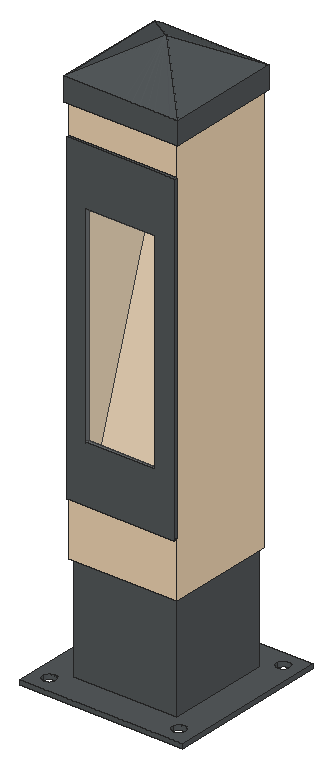
Revit family "Баум", category Осветительные приборы, Revit 2019 (continued)
Types (3, lengths in mm): name | Файл фотометрической сетки | built-in parameter 1150105 | Lumens | built-in parameter 1150106 | built-in parameter 1150142 | Wattage | h_столб низ | h_столб верх | ADSK_Фактическая мощность | ADSK_Размер_Высота | ADSK_Номинальная мощность | ADSK_Наименование | ADSK_Масса_Текст | ADSK_Масса | ADSK_Артикул
     0.4 0.4 0.4 0.4 0.4 0.4 0.4 0.4 0.4 0.4 0.4 0.4 0.4 0.4 0.4 0.4 0.4 0.4 0.4 0.4 0.4 0.4 0.4 0.4 0.4\r\n 0.4 0.4 0.4 0.4 0.4 0.4 0.4 0.4 0.4 0.4 0.4 0.4 0.4 0.4 0.4 0.4 0.4 0.4 0.4 0.4 0.4 0.4 0.4 0.4 0.4 0.4 0.4 0.4 0.4 0.4 0.4 0.4\r\n 0.4 0.4 0.4 0.4 0.4 0.4 0.2 0.2 0.2 0.2 0.2 0.2 0.0 0.0 0.0 0.0 0.0 0.0 0.0 0.0 0.0\r\n0.0 0.0 0.0 0.0 0.0 0.0 0.0 0.0 0.4 0.2 0.4 0.4 0.4 0.4 0.4 0.4 0.4 0.4 0.4 0.4 0.4 0.4 0.4 0.4 0.4 0.4 0.4 0.4 0.4 0.4 0.4 0.4\r\n 0.4 0.4 0.4 0.4 0.4 0.4 0.4 0.4 0.4 0.4 0.4 0.4 0.4 0.4 0.4 0.4 0.4 0.4 0.4 0.4 0.4 0.4 0.4 0.4 0.4 0.4 0.4 0.4 0.4 0.4 0.4 0.4\r\n 0.4 0.4 0.4 0.4 0.4 0.4 0.4 0.4 0.4 0.4 0.4 0.4 0.4 0.4 0.4 0.4 0.4 0.4 0.4 0.4 0.4 0.4 0.4 0.4 0.4 0.4 0.4 0.4 0.4 0.4 0.4 0.4\r\n 0.4 0.4 0.4 0.4 0.4 0.4 0.4 0.4 0.4 0.4 0.4 0.4 0.4 0.4 0.4 0.4 0.4 0.4 0.4 0.4 0.4 0.4 0.4 0.4 0.4 0.4 0.4 0.4 0.4 0.4 0.4 0.4\r\n 0.4 0.4 0.4 0.4 0.4 0.4 0.4 0.4 0.4 0.4 0.4 0.4 0.4 0.4 0.4 0.4 0.4 0.4 0.4 0.4 0.4 0.4 0.4 0.4 0.4 0.4 0.4 0.4 0.4 0.4 0.4 0.4\r\n 0.4 0.4 0.4 0.4 0.4 0.4 0.4 0.4 0.2 0.2 0.2 0.2 0.0 0.0 0.0 0.0 0.0 0.0 0.0 0.0 0.0\r\n0.0 0.0 0.0 0.0 0.0 0.0 0.2 0.2 0.4 0.4 0.4 0.4 0.4 0.4 0.4 0.4 0.4 0.4 0.4 0.4 0.4 0.4 0.4 0.4 0.4 0.4 0.4 0.4 0.4 0.4 0.4 0.4\r\n 0.4 0.4 0.4 0.4 0.4 0.4 0.4 0.4 0.4 0.4 0.4 0.4 0.4 0.4 0.4 0.4 0.4 0.4 0.4 0.4 0.4 0.4 0.4 0.4 0.4 0.4 0.4 0.4 0.4 0.4 0.4 0.4\r\n 0.4 0.4 0.4 0.4 0.4 0.4 0.4 0.4 0.4 0.4 0.4 0.4 0.4 0.4 0.4 0.4 0.4 0.4 0.4 0.4 0.4 0.4 0.4 0.4 0.4 0.4 0.4 0.4 0.4 0.4 0.4 0.4\r\n 0.4 0.4 0.4 0.4 0.4 0.4 0.4 0.4 0.4 0.4 0.4 0.4 0.4 0.4 0.4 0.4 0.4 0.4 0.4 0.4 0.4 0.4 0.4 0.4 0.4 0.4 0.4 0.4 0.4 0.4 0.4 0.4\r\n 0.4 0.4 0.4 0.4 0.4 0.4 0.4 0.4 0.4 0.4 0.4 0.4 0.4 0.4 0.4 0.4 0.4 0.4 0.4 0.4 0.4 0.4 0.4 0.4 0.4 0.4 0.4 0.4 0.4 0.4 0.4 0.4\r\n 0.4 0.4 0.4 0.4 0.4 0.4 0.4 0.4 0.2 0.2 0.2 0.2 0.0 0.0 0.0 0.0 0.0 0.0 0.0 0.0 0.0\r\n0.0 0.0 0.0 0.0 0.0 0.0 0.2 0.2 0.4 0.4 0.4 0.4 0.4 0.4 0.4 0.4 0.4 0.4 0.4 0.4 0.4 0.4 0.4 0.4 0.4 0.4 0.4 0.4 0.4 0.4 0.4 0.4\r\n 0.4 0.4 0.4 0.4 0.4 0.4 0.4 0.4 0.4 0.4 0.4 0.4 0.4 0.4 0.4 0.4 0.4 0.4 0.4 0.4 0.4 0.4 0.4 0.4 0.4 0.4 0.4 0.4 0.4 0.4 0.4 0.4\r\n 0.4 0.4 0.4 0.4 0.4 0.4 0.4 0.4 0.4 0.4 0.4 0.4 0.4 0.4 0.4 0.4 0.4 0.4 0.4 0.4 0.4 0.4 0.4 0.4 0.4 0.4 0.4 0.4 0.4 0.4 0.4 0.4\r\n 0.4 0.4 0.4 0.4 0.4 0.4 0.4 0.4 0.4 0.4 0.4 0.4 0.4 0.4 0.4 0.4 0.4 0.4 0.4 0.4 0.4 0.4 0.4 0.4 0.4 0.4 0.4 0.4 0.4 0.4 0.4 0.4\r\n 0.4 0.4 0.4 0.4 0.4 0.4 0.4 0.4 0.4 0.4 0.4 0.4 0.4 0.4 0.4 0.4 0.4 0.4 0.4 0.4 0.4 0.4 0.4 0.4 0.4 0.4 0.4 0.4 0.4 0.4 0.4 0.4\r\n 0.4 0.4 0.4 0.4 0.4 0.4 0.4 0.4 0.2 0.2 0.2 0.2 0.0 0.0 0.0 0.0 0.0 0.0 0.0 0.0 0.0\r\n0.0 0.0 0.0 0.0 0.0 0.0 0.2 0.2 0.4 0.4 0.4 0.4 0.4 0.4 0.4 0.4 0.4 0.4 0.4 0.4 0.4 0.4 0.4 0.4 0.4 0.4 0.4 0.4 0.4 0.4 0.4 0.4\r\n 0.4 0.4 0.4 0.4 0.4 0.4 0.4 0.4 0.4 0.4 0.4 0.4 0.4 0.4 0.4 0.4 0.4 0.4 0.4 0.4 0.4 0.4 0.4 0.4 0.4 0.4 0.4 0.4 0.4 0.4 0.4 0.4\r\n 0.4 0.4 0.4 0.4 0.4 0.4 0.4 0.4 0.4 0.4 0.4 0.4 0.4 0.4 0.4 0.4 0.4 0.4 0.4 0.4 0.4 0.4 0.4 0.4 0.4 0.4 0.4 0.4 0.4 0.4 0.4 0.4\r\n 0.4 0.4 0.4 0.4 0.4 0.4 0.4 0.4 0.4 0.4 0.4 0.4 0.4 0.4 0.4 0.4 0.4 0.4 0.4 0.4 0.4 0.4 0.4 0.4 0.4 0.4 0.4 0.4 0.4 0.4 0.4 0.4\r\n 0.4 0.4 0.4 0.4 0.4 0.4 0.4 0.4 0.4 0.4 0.4 0.4 0.4 0.4 0.4 0.4 0.4 0.4 0.4 0.4 0.4 0.4 0.4 0.4 0.4 0.4 0.4 0.4 0.4 0.4 0.4 0.4\r\n 0.4 0.4 0.4 0.4 0.4 0.4 0.4 0.4 0.2 0.2 0.2 0.2 0.2 0.0 0.0 0.0 0.0 0.0 0.0 0.0 0.0\r\n0.0 0.0 0.0 0.0 0.0 0.2 0.2 0.2 0.4 0.4 0.4 0.4 0.4 0.4 0.4 0.4 0.4 0.4 0.4 0.4 0.4 0.4 0.4 0.4 0.4 0.4 0.4 0.4 0.4 0.4 0.4 0.4\r\n 0.4 0.4 0.4 0.4 0.4 0.4 0.4 0.4 0.4 0.4 0.4 0.4 0.4 0.4 0.4 0.4 0.4 0.4 0.4 0.4 0.4 0.4 0.4 0.4 0.4 0.4 0.4 0.4 0.4 0.4 0.4 0.4\r\n 0.4 0.4 0.4 0.4 0.4 0.4 0.4 0.4 0.4 0.4 0.4 0.4 0.4 0.4 0.4 0.4 0.4 0.4 0.4 0.4 0.4 0.4 0.4 0.4 0.4 0.4 0.4 0.4 0.4 0.4 0.4 0.4\r\n 0.4 0.4 0.4 0.4 0.4 0.4 0.4 0.4 0.4 0.4 0.4 0.4 0.4 0.4 0.4 0.4 0.4 0.4 0.4 0.4 0.4 0.4 0.4 0.4 0.4 0.4 0.4 0.4 0.4 0.4 0.4 0.4\r\n 0.4 0.4 0.4 0.4 0.4 0.4 0.4 0.4 0.4 0.4 0.4 0.4 0.4 0.4 0.4 0.4 0.4 0.4 0.4 0.4 0.4 0.4 0.4 0.4 0.4 0.4 0.4 0.4 0.4 0.4 0.4 0.4\r\n 0.4 0.4 0.4 0.4 0.4 0.4 0.4 0.4 0.2 0.2 0.2 0.2 0.2 0.0 0.0 0.0 0.0 0.0 0.0 0.0 0.0\r\n0.0 0.0 0.0 0.0 0.0 0.2 0.2 0.2 0.4 0.4 0.4 0.4 0.4 0.4 0.4 0.4 0.4 0.4 0.4 0.4 0.4 0.4 0.4 0.4 0.4 0.4 0.4 0.4 0.4 0.4 0.4 0.4\r\n 0.4 0.4 0.4 0.4 0.4 0.4 0.4 0.4 0.4 0.4 0.4 0.4 0.4 0.4 0.4 0.4 0.4 0.4 0.4 0.4 0.4 0.4 0.4 0.4 0.4 0.4 0.4 0.4 0.4 0.4 0.4 0.4\r\n 0.4 0.4 0.4 0.4 0.4 0.4 0.4 0.4 0.4 0.4 0.4 0.4 0.4 0.4 0.4 0.4 0.4 0.4 0.4 0.4 0.4 0.4 0.4 0.4 0.4 0.4 0.4 0.4 0.4 0.4 0.4 0.4\r\n 0.4 0.4 0.4 0.4 0.4 0.4 0.4 0.4 0.4 0.4 0.4 0.4 0.4 0.4 0.4 0.4 0.4 0.4 0.4 0.4 0.4 0.4 0.4 0.4 0.4 0.4 0.4 0.4 0.4 0.4 0.4 0.4\r\n 0.4 0.4 0.4 0.4 0.4 0.4 0.4 0.4 0.4 0.4 0.4 0.4 0.4 0.4 0.4 0.4 0.4 0.4 0.4 0.4 0.4 0.4 0.4 0.4 0.4 0.4 0.4 0.4 0.4 0.4 0.4 0.4\r\n 0.4 0.4 0.4 0.4 0.4 0.4 0.4 0.4 0.2 0.2 0.2 0.2 0.2 0.0 0.0 0.0 0.0 0.0 0.0 0.0 0.0\r\n0.0 0.0 0.0 0.0 0.0 0.2 0.2 0.2 0.4 0.4 0.4 0.4 0.4 0.4 0.4 0.4 0.4 0.4 0.4 0.4 0.4 0.4 0.4 0.4 0.4 0.4 0.4 0.4 0.4 0.4 0.4 0.4\r\n 0.4 0.4 0.4 0.4 0.4 0.4 0.4 0.4 0.4 0.4 0.4 0.4 0.4 0.4 0.4 0.4 0.4 0.4 0.4 0.4 0.4 0.4 0.4 0.4 0.4 0.4 0.4 0.4 0.4 0.4 0.4 0.4\r\n 0.4 0.4 0.4 0.4 0.4 0.4 0.4 0.4 0.4 0.4 0.4 0.4 0.4 0.4 0.4 0.4 0.4 0.4 0.4 0.4 0.4 0.4 0.4 0.4 0.4 0.4 0.4 0.4 0.4 0.4 0.4 0.4\r\n 0.4 0.4 0.4 0.4 0.4 0.4 0.4 0.4 0.4 0.4 0.4 0.4 0.4 0.4 0.4 0.4 0.4 0.4 0.4 0.4 0.4 0.4 0.4 0.4 0.4 0.4 0.4 0.4 0.4 0.4 0.4 0.4\r\n 0.4 0.4 0.4 0.4 0.4 0.4 0.4 0.4 0.4 0.4 0.4 0.4 0.4 0.4 0.4 0.4 0.4 0.4 0.4 0.4 0.4 0.4 0.4 0.4 0.4 0.4 0.4 0.4 0.4 0.4 0.4 0.4\r\n 0.4 0.4 0.4 0.4 0.4 0.4 0.4 0.4 0.2 0.2 0.2 0.2 0.2 0.2 0.0 0.0 0.0 0.0 0.0 0.0 0.0\r\n0.0 0.0 0.0 0.0 0.2 0.2 0.2 0.2 0.4 0.4 0.4 0.4 0.4 0.4 0.4 0.4 0.4 0.4 0.4 0.4 0.4 0.4 0.4 0.4 0.4 0.4 0.4 0.4 0.4 0.4 0.4 0.4\r\n 0.4 0.4 0.4 0.4 0.4 0.4 0.4 0.4 0.4 0.4 0.4 0.4 0.4 0.4 0.4 0.4 0.4 0.4 0.4 0.4 0.4 0.4 0.4 0.4 0.4 0.4 0.4 0.4 0.4 0.4 0.4 0.4\r\n 0.4 0.4 0.4 0.4 0.4 0.4 0.4 0.4 0.4 0.4 0.4 0.4 0.4 0.4 0.4 0.4 0.4 0.4 0.4 0.4 0.4 0.4 0.4 0.4 0.4 0.4 0.4 0.4 0.4 0.4 0.4 0.4\r\n 0.4 0.4 0.4 0.4 0.4 0.4 0.4 0.4 0.4 0.4 0.4 0.4 0.4 0.4 0.4 0.4 0.4 0.4 0.4 0.4 0.4 0.4 0.4 0.4 0.4 0.4 0.4 0.4 0.4 0.4 0.4 0.4\r\n 0.4 0.4 0.4 0.4 0.4 0.4 0.4 0.4 0.4 0.4 0.4 0.4 0.4 0.4 0.4 0.4 0.4 0.4 0.4 0.4 0.4 0.4 0.4 0.4 0.4 0.4 0.4 0.4 0.4 0.4 0.4 0.4\r\n 0.4 0.4 0.4 0.4 0.4 0.4 0.4 0.4 0.2 0.2 0.2 0.2 0.2 0.2 0.0 0.0 0.0 0.0 0.0 0.0 0.0\r\n0.0 0.0 0.0 0.0 0.2 0.2 0.2 0.2 0.4 0.4 0.4 0.4 0.4 0.4 0.4 0.4 0.4 0.4 0.4 0.4 0.4 0.4 0.4 0.4 0.4 0.4 0.4 0.4 0.4 0.4 0.4 0.4\r\n 0.4 0.4 0.4 0.4 0.4 0.4 0.4 0.4 0.4 0.4 0.4 0.4 0.4 0.4 0.4 0.4 0.4 0.4 0.4 0.4 0.4 0.4 0.4 0.4 0.4 0.4 0.4 0.4 0.4 0.4 0.4 0.4\r\n 0.4 0.4 0.4 0.4 0.4 0.4 0.4 0.4 0.4 0.4 0.4 0.4 0.4 0.4 0.4 0.4 0.4 0.4 0.4 0.4 0.4 0.4 0.4 0.4 0.4 0.4 0.4 0.4 0.4 0.4 0.4 0.4\r\n 0.4 0.4 0.4 0.4 0.4 0.4 0.4 0.4 0.4 0.4 0.4 0.4 0.4 0.4 0.4 0.4 0.4 0.4 0.4 0.4 0.4 0.4 0.4 0.4 0.4 0.4 0.4 0.4 0.4 0.4 0.4 0.4\r\n 0.4 0.4 0.4 0.4 0.4 0.4 0.4 0.4 0.4 0.4 0.4 0.4 0.4 0.4 0.4 0.4 0.4 0.4 0.4 0.4 0.4 0.4 0.4 0.4 0.4 0.4 0.4 0.4 0.4 0.4 0.4 0.4\r\n 0.4 0.4 0.4 0.4 0.4 0.4 0.4 0.4 0.4 0.4 0.2 0.2 0.2 0.2 0.0 0.0 0.0 0.0 0.0 0.0 0.0\r\n0.0 0.0 0.0 0.0 0.2 0.2 0.2 0.2 0.4 0.4 0.4 0.4 0.4 0.4 0.4 0.4 0.4 0.4 0.4 0.4 0.4 0.4 0.4 0.4 0.4 0.4 0.4 0.4 0.4 0.4 0.4 0.4\r\n 0.4 0.4 0.4 0.4 0.4 0.4 0.4 0.4 0.4 0.4 0.4 0.4 0.4 0.4 0.4 0.4 0.4 0.4 0.4 0.4 0.4 0.4 0.4 0.4 0.4 0.4 0.4 0.4 0.4 0.4 0.4 0.4\r\n 0.4 0.4 0.4 0.4 0.4 0.4 0.4 0.4 0.4 0.4 0.4 0.4 0.4 0.4 0.4 0.4 0.4 0.4 0.4 0.4 0.4 0.4 0.4 0.4 0.4 0.4 0.4 0.4 0.4 0.4 0.4 0.4\r\n 0.4 0.4 0.4 0.4 0.4 0.4 0.4 0.4 0.4 0.4 0.4 0.4 0.4 0.4 0.4 0.4 0.4 0.4 0.4 0.4 0.4 0.4 0.4 0.4 0.4 0.4 0.4 0.4 0.4 0.4 0.4 0.4\r\n 0.4 0.4 0.4 0.4 0.4 0.4 0.4 0.4 0.4 0.4 0.4 0.4 0.4 0.4 0.4 0.4 0.4 0.4 0.4 0.4 0.4 0.4 0.4 0.4 0.4 0.4 0.4 0.4 0.4 0.4 0.4 0.4\r\n 0.4 0.4 0.4 0.4 0.4 0.4 0.4 0.4 0.4 0.4 0.2 0.2 0.2 0.2 0.0 0.0 0.0 0.0 0.0 0.0 0.0\r\n0.0 0.0 0.0 0.2 0.2 0.2 0.2 0.2 0.4 0.4 0.4 0.4 0.4 0.4 0.4 0.4 0.4 0.4 0.4 0.4 0.4 0.4 0.4 0.4 0.4 0.4 0.4 0.4 0.4 0.4 0.4 0.4\r\n 0.4 0.4 0.4 0.4 0.4 0.4 0.4 0.4 0.4 0.4 0.4 0.4 0.4 0.4 0.4 0.4 0.4 0.4 0.4 0.4 0.4 0.4 0.4 0.4 0.4 0.4 0.4 0.4 0.4 0.4 0.4 0.4\r\n 0.4 0.4 0.4 0.4 0.4 0.4 0.4 0.4 0.4 0.4 0.4 0.4 0.4 0.4 0.4 0.4 0.4 0.4 0.4 0.4 0.4 0.4 0.4 0.4 0.4 0.4 0.4 0.4 0.4 0.4 0.4 0.4\r\n 0.4 0.4 0.4 0.4 0.4 0.4 0.4 0.4 0.4 0.4 0.4 0.4 0.4 0.4 0.4 0.4 0.4 0.4 0.4 0.4 0.4 0.4 0.4 0.4 0.4 0.4 0.4 0.4 0.4 0.4 0.4 0.4\r\n 0.4 0.4 0.4 0.4 0.4 0.4 0.4 0.4 0.4 0.4 0.4 0.4 0.4 0.4 0.4 0.4 0.4 0.4 0.4 0.4 0.4 0.4 0.4 0.4 0.4 0.4 0.4 0.4 0.4 0.4 0.4 0.4\r\n 0.4 0.4 0.4 0.4 0.4 0.4 0.4 0.4 0.4 0.4 0.2 0.2 0.2 0.2 0.0 0.0 0.0 0.0 0.0 0.0 0.0\r\n0.0 0.0 0.0 0.2 0.2 0.2 0.2 0.2 0.4 0.4 0.4 0.4 0.4 0.4 0.4 0.4 0.4 0.4 0.4 0.4 0.4 0.4 0.4 0.4 0.4 0.4 0.4 0.4 0.4 0.4 0.4 0.4\r\n 0.4 0.4 0.4 0.4 0.4 0.4 0.4 0.4 0.4 0.4 0.4 0.4 0.4 0.4 0.4 0.4 0.4 0.4 0.4 0.4 0.4 0.4 0.4 0.4 0.4 0.4 0.4 0.4 0.4 0.4 0.4 0.4\r\n 0.4 0.4 0.4 0.4 0.4 0.4 0.4 0.4 0.4 0.4 0.4 0.4 0.4 0.4 0.4 0.4 0.4 0.4 0.4 0.4 0.4 0.4 0.4 0.4 0.4 0.4 0.4 0.4 0.4 0.4 0.4 0.4\r\n 0.4 0.4 0.4 0.4 0.4 0.4 0.4 0.4 0.4 0.4 0.4 0.4 0.4 0.4 0.4 0.4 0.4 0.4 0.4 0.4 0.4 0.4 0.4 0.4 0.4 0.4 0.4 0.4 0.4 0.4 0.4 0.4\r\n 0.4 0.4 0.4 0.4 0.4 0.4 0.4 0.4 0.4 0.4 0.4 0.4 0.4 0.4 0.4 0.4 0.4 0.4 0.4 0.4 0.4 0.4 0.4 0.4 0.4 0.4 0.4 0.4 0.4 0.4 0.4 0.4\r\n 0.4 0.4 0.4 0.4 0.4 0.4 0.4 0.4 0.4 0.4 0.2 0.2 0.2 0.2 0.0 0.0 0.0 0.0 0.0 0.0 0.0\r\n0.0 0.0 0.0 0.2 0.2 0.2 0.2 0.2 0.4 0.4 0.4 0.4 0.4 0.4 0.4 0.4 0.4 0.4 0.4 0.4 0.4 0.4 0.4 0.4 0.4 0.4 0.4 0.4 0.4 0.4 0.4 0.4\r\n 0.4 0.4 0.4 0.4 0.4 0.4 0.4 0.4 0.4 0.4 0.4 0.4 0.4 0.4 0.4 0.4 0.4 0.4 0.4 0.4 0.4 0.4 0.4 0.4 0.4 0.4 0.4 0.4 0.4 0.4 0.4 0.4\r\n 0.4 0.4 0.4 0.4 0.4 0.4 0.4 0.4 0.4 0.4 0.4 0.4 0.4 0.4 0.4 0.4 0.4 0.4 0.4 0.4 0.4 0.4 0.4 0.4 0.4 0.4 0.4 0.4 0.4 0.4 0.4 0.4\r\n 0.4 0.4 0.4 0.4 0.4 0.4 0.4 0.4 0.4 0.4 0.4 0.4 0.4 0.4 0.4 0.4 0.4 0.4 0.4 0.4 0.4 0.4 0.4 0.4 0.4 0.4 0.4 0.4 0.4 0.4 0.4 0.4\r\n 0.4 0.4 0.4 0.4 0.4 0.4 0.4 0.4 0.4 0.4 0.4 0.4 0.4 0.4 0.4 0.4 0.4 0.4 0.4 0.4 0.4 0.4 0.4 0.4 0.4 0.4 0.4 0.4 0.4 0.4 0.4 0.4\r\n 0.4 0.4 0.4 0.4 0.4 0.4 0.4 0.4 0.4 0.4 0.2 0.2 0.2 0.2 0.0 0.0 0.0 0.0 0.0 0.0 0.0\r\n0.0 0.0 0.0 0.2 0.2 0.2 0.2 0.2 0.4 0.4 0.4 0.4 0.4 0.4 0.4 0.4 0.4 0.4 0.4 0.4 0.4 0.4 0.4 0.4 0.6 0.6 0.4 0.4 0.4 0.4 0.4 0.4\r\n 0.4 0.4 0.4 0.4 0.4 0.4 0.4 0.4 0.4 0.4 0.4 0.4 0.4 0.4 0.4 0.4 0.4 0.4 0.4 0.4 0.4 0.4 0.4 0.4 0.4 0.4 0.4 0.4 0.4 0.4 0.4 0.4\r\n 0.4 0.4 0.4 0.4 0.4 0.4 0.4 0.4 0.4 0.4 0.4 0.4 0.4 0.4 0.4 0.4 0.4 0.4 0.4 0.4 0.4 0.4 0.4 0.4 0.4 0.4 0.4 0.4 0.4 0.4 0.4 0.4\r\n 0.4 0.4 0.4 0.4 0.4 0.4 0.4 0.4 0.4 0.4 0.4 0.4 0.4 0.4 0.4 0.4 0.4 0.4 0.4 0.4 0.4 0.4 0.4 0.4 0.4 0.4 0.4 0.4 0.4 0.4 0.4 0.4\r\n 0.4 0.4 0.4 0.4 0.4 0.4 0.4 0.4 0.4 0.4 0.4 0.4 0.4 0.4 0.4 0.4 0.4 0.4 0.4 0.4 0.4 0.4 0.4 0.4 0.4 0.4 0.4 0.4 0.4 0.4 0.4 0.4\r\n 0.4 0.4 0.4 0.4 0.4 0.4 0.4 0.4 0.4 0.4 0.4 0.2 0.2 0.2 0.0 0.0 0.0 0.0 0.0 0.0 0.0\r\n0.0 0.0 0.0 0.2 0.2 0.2 0.2 0.2 0.4 0.4 0.4 0.4 0.4 0.4 0.4 0.4 0.4 0.4 0.4 0.4 0.4 0.4 0.4 0.4 0.6 0.6 0.4 0.4 0.4 0.4 0.4 0.4\r\n 0.4 0.4 0.4 0.4 0.4 0.4 0.4 0.4 0.4 0.4 0.4 0.4 0.4 0.4 0.4 0.4 0.4 0.4 0.4 0.4 0.4 0.4 0.4 0.4 0.4 0.4 0.4 0.4 0.4 0.4 0.4 0.4\r\n 0.4 0.4 0.4 0.4 0.4 0.4 0.4 0.4 0.4 0.4 0.4 0.4 0.4 0.4 0.4 0.4 0.4 0.4 0.4 0.4 0.4 0.4 0.4 0.4 0.4 0.4 0.4 0.4 0.4 0.4 0.4 0.4\r\n 0.4 0.4 0.4 0.4 0.4 0.4 0.4 0.4 0.4 0.4 0.4 0.4 0.4 0.4 0.4 0.4 0.4 0.4 0.4 0.4 0.4 0.4 0.4 0.4 0.4 0.4 0.4 0.4 0.4 0.4 0.4 0.4\r\n 0.4 0.4 0.4 0.4 0.4 0.4 0.4 0.4 0.4 0.4 0.4 0.4 0.4 0.4 0.4 0.4 0.4 0.4 0.4 0.4 0.4 0.4 0.4 0.4 0.4 0.4 0.4 0.4 0.4 0.4 0.4 0.4\r\n 0.4 0.4 0.4 0.4 0.4 0.4 0.4 0.4 0.4 0.4 0.4 0.2 0.2 0.2 0.0 0.0 0.0 0.0 0.0 0.0 0.0\r\n0.0 0.0 0.0 0.2 0.2 0.2 0.2 0.2 0.4 0.4 0.4 0.4 0.4 0.4 0.4 0.4 0.4 0.4 0.4 0.4 0.4 0.4 0.4 0.4 0.4 0.4 0.4 0.4 0.4 0.4 0.4 0.4\r\n 0.4 0.4 0.4 0.4 0.4 0.4 0.4 0.4 0.4 0.4 0.4 0.4 0.4 0.4 0.4 0.4 0.4 0.4 0.4 0.4 0.4 0.4 0.4 0.4 0.4 0.4 0.4 0.4 0.4 0.4 0.4 0.4\r\n 0.4 0.4 0.4 0.4 0.4 0.4 0.4 0.4 0.4 0.4 0.4 0.4 0.4 0.4 0.4 0.4 0.4 0.4 0.4 0.4 0.4 0.4 0.4 0.4 0.4 0.4 0.4 0.4 0.4 0.4 0.4 0.4\r\n 0.4 0.4 0.4 0.4 0.4 0.4 0.4 0.4 0.4 0.4 0.4 0.4 0.4 0.4 0.4 0.4 0.4 0.4 0.4 0.4 0.4 0.4 0.4 0.4 0.4 0.4 0.4 0.4 0.4 0.4 0.4 0.4\r\n 0.4 0.4 0.4 0.4 0.4 0.4 0.4 0.4 0.4 0.4 0.4 0.4 0.4 0.4 0.4 0.4 0.4 0.4 0.4 0.4 0.4 0.4 0.4 0.4 0.4 0.4 0.4 0.4 0.4 0.4 0.4 0.4\r\n 0.4 0.4 0.4 0.4 0.4 0.4 0.4 0.4 0.4 0.4 0.4 0.2 0.2 0.2 0.0 0.0 0.0 0.0 0.0 0.0 0.0\r\n0.0 0.0 0.0 0.2 0.2 0.2 0.2 0.2 0.4 0.4 0.4 0.4 0.4 0.4 0.4 0.4 0.4 0.4 0.4 0.4 0.4 0.4 0.4 0.4 0.4 0.4 0.4 0.4 0.4 0.4 0.4 0.4\r\n 0.4 0.4 0.4 0.4 0.4 0.4 0.4 0.4 0.4 0.4 0.4 0.4 0.4 0.4 0.4 0.4 0.4 0.4 0.4 0.4 0.4 0.4 0.4 0.4 0.4 0.4 0.4 0.4 0.4 0.4 0.4 0.4\r\n 0.4 0.4 0.4 0.4 0.4 0.4 0.4 0.4 0.4 0.4 0.6 0.6 0.4 0.4 0.4 0.4 0.4 0.4 0.4 0.4 0.4 0.4 0.4 0.4 0.4 0.4 0.4 0.4 0.4 0.4 0.4 0.4\r\n 0.4 0.4 0.4 0.4 0.4 0.4 0.4 0.4 0.4 0.4 0.4 0.4 0.4 0.4 0.4 0.4 0.4 0.4 0.4 0.4 0.4 0.4 0.4 0.4 0.4 0.4 0.4 0.4 0.4 0.4 0.4 0.4\r\n 0.4 0.4 0.4 0.4 0.4 0.4 0.4 0.4 0.4 0.4 0.4 0.4 0.4 0.4 0.4 0.4 0.4 0.4 0.4 0.4 0.4 0.4 0.4 0.4 0.4 0.4 0.4 0.4 0.4 0.4 0.4 0.4\r\n 0.4 0.4 0.4 0.4 0.4 0.4 0.4 0.4 0.4 0.4 0.4 0.2 0.2 0.2 0.0 0.0 0.0 0.0 0.0 0.0 0.0\r\n0.0 0.0 0.0 0.2 0.2 0.2 0.2 0.2 0.4 0.4 0.4 0.4 0.4 0.4 0.4 0.4 0.4 0.4 0.4 0.4 0.4 0.4 0.4 0.4 0.4 0.4 0.4 0.4 0.4 0.4 0.4 0.4\r\n 0.4 0.4 0.4 0.4 0.4 0.4 0.4 0.4 0.4 0.4 0.4 0.4 0.4 0.4 0.4 0.4 0.4 0.4 0.4 0.4 0.4 0.4 0.4 0.4 0.4 0.4 0.4 0.4 0.4 0.4 0.4 0.4\r\n 0.4 0.4 0.4 0.4 0.4 0.4 0.4 0.4 0.4 0.4 0.4 0.4 0.4 0.4 0.4 0.4 0.4 0.4 0.4 0.4 0.4 0.4 0.4 0.4 0.4 0.4 0.4 0.4 0.4 0.4 0.4 0.4\r\n 0.4 0.4 0.4 0.4 0.4 0.4 0.4 0.4 0.4 0.4 0.4 0.4 0.4 0.4 0.4 0.4 0.4 0.4 0.4 0.4 0.4 0.4 0.4 0.4 0.4 0.4 0.4 0.4 0.4 0.4 0.4 0.4\r\n 0.4 0.4 0.4 0.4 0.4 0.4 0.4 0.4 0.4 0.4 0.4 0.4 0.4 0.4 0.4 0.4 0.4 0.4 0.4 0.4 0.4 0.4 0.4 0.4 0.4 0.4 0.4 0.4 0.4 0.4 0.4 0.4\r\n 0.4 0.4 0.4 0.4 0.4 0.4 0.4 0.4 0.4 0.4 0.4 0.2 0.2 0.2 0.0 0.0 0.0 0.0 0.0 0.0 0.0\r\n0.0 0.0 0.2 0.2 0.2 0.2 0.2 0.2 0.4 0.4 0.4 0.4 0.4 0.4 0.4 0.4 0.4 0.4 0.4 0.4 0.4 0.4 0.4 0.4 0.4 0.4 0.4 0.4 0.4 0.4 0.4 0.4\r\n 0.4 0.4 0.4 0.4 0.4 0.4 0.4 0.4 0.4 0.4 0.4 0.4 0.4 0.4 0.4 0.4 0.4 0.4 0.4 0.4 0.4 0.4 0.4 0.4 0.4 0.4 0.4 0.4 0.4 0.4 0.4 0.4\r\n 0.4 0.4 0.4 0.4 0.4 0.4 0.4 0.4 0.4 0.4 0.4 0.4 0.4 0.4 0.4 0.4 0.4 0.4 0.4 0.4 0.4 0.4 0.4 0.4 0.4 0.4 0.4 0.4 0.4 0.4 0.4 0.4\r\n 0.4 0.4 0.4 0.4 0.4 0.4 0.4 0.4 0.4 0.4 0.4 0.4 0.4 0.4 0.4 0.4 0.4 0.4 0.4 0.4 0.4 0.4 0.4 0.4 0.4 0.4 0.4 0.4 0.4 0.4 0.4 0.4\r\n 0.4 0.4 0.4 0.4 0.4 0.4 0.4 0.4 0.4 0.4 0.4 0.4 0.4 0.4 0.4 0.4 0.4 0.4 0.4 0.4 0.4 0.4 0.4 0.4 0.4 0.4 0.4 0.4 0.4 0.4 0.4 0.4\r\n 0.4 0.4 0.4 0.4 0.4 0.4 0.4 0.4 0.4 0.4 0.4 0.2 0.2 0.2 0.0 0.0 0.0 0.0 0.0 0.0 0.0\r\n0.0 0.0 0.2 0.2 0.2 0.2 0.2 0.2 0.4 0.4 0.4 0.4 0.4 0.4 0.4 0.4 0.4 0.4 0.4 0.4 0.4 0.4 0.4 0.4 0.4 0.4 0.4 0.4 0.4 0.4 0.4 0.4\r\n 0.4 0.4 0.4 0.4 0.4 0.4 0.4 0.4 0.4 0.4 0.4 0.4 0.4 0.4 0.4 0.4 0.4 0.4 0.4 0.4 0.4 0.4 0.4 0.4 0.4 0.4 0.4 0.4 0.4 0.4 0.4 0.4\r\n 0.4 0.4 0.4 0.4 0.4 0.4 0.4 0.4 0.4 0.4 0.4 0.4 0.4 0.4 0.4 0.4 0.4 0.4 0.4 0.4 0.4 0.4 0.4 0.4 0.4 0.4 0.4 0.4 0.4 0.4 0.4 0.4\r\n 0.4 0.4 0.4 0.4 0.4 0.4 0.4 0.4 0.4 0.4 0.4 0.4 0.4 0.4 0.4 0.4 0.4 0.4 0.4 0.4 0.4 0.4 0.4 0.4 0.4 0.4 0.4 0.4 0.4 0.4 0.4 0.4\r\n 0.4 0.4 0.4 0.4 0.4 0.4 0.4 0.4 0.4 0.4 0.4 0.4 0.4 0.4 0.4 0.4 0.4 0.4 0.4 0.4 0.4 0.4 0.4 0.4 0.4 0.4 0.4 0.4 0.4 0.4 0.4 0.4\r\n 0.4 0.4 0.4 0.4 0.4 0.4 0.4 0.4 0.4 0.4 0.4 0.2 0.2 0.2 0.0 0.0 0.0 0.0 0.0 0.0 0.0\r\n0.0 0.0 0.2 0.2 0.2 0.2 0.2 0.2 0.4 0.4 0.4 0.4 0.4 0.4 0.4 0.4 0.4 0.4 0.4 0.4 0.4 0.4 0.4 0.4 0.4 0.4 0.4 0.4 0.4 0.4 0.4 0.4\r\n 0.4 0.4 0.4 0.4 0.4 0.4 0.4 0.4 0.4 0.4 0.4 0.4 0.4 0.4 0.4 0.4 0.4 0.4 0.4 0.4 0.4 0.4 0.4 0.4 0.4 0.4 0.4 0.4 0.4 0.4 0.4 0.4\r\n 0.4 0.4 0.4 0.4 0.4 0.4 0.4 0.4 0.4 0.4 0.4 0.4 0.4 0.4 0.4 0.4 0.4 0.4 0.4 0.4 0.4 0.4 0.4 0.4 0.4 0.4 0.4 0.4 0.6 0.4 0.4 0.4\r\n 0.4 0.4 0.4 0.4 0.4 0.6 0.4 0.4 0.4 0.4 0.4 0.4 0.4 0.4 0.4 0.4 0.4 0.4 0.4 0.4 0.4 0.4 0.4 0.4 0.4 0.4 0.4 0.4 0.4 0.4 0.4 0.4\r\n 0.4 0.4 0.4 0.4 0.4 0.4 0.4 0.4 0.4 0.4 0.4 0.4 0.4 0.4 0.4 0.4 0.4 0.4 0.4 0.4 0.4 0.4 0.4 0.4 0.4 0.4 0.4 0.4 0.4 0.4 0.4 0.4\r\n 0.4 0.4 0.4 0.4 0.4 0.4 0.4 0.4 0.4 0.4 0.4 0.2 0.2 0.2 0.0 0.0 0.0 0.0 0.0 0.0 0.0\r\n0.0 0.0 0.2 0.2 0.2 0.2 0.2 0.2 0.4 0.4 0.4 0.4 0.4 0.4 0.4 0.4 0.4 0.4 0.4 0.4 0.4 0.4 0.4 0.4 0.4 0.4 0.4 0.4 0.4 0.4 0.4 0.4\r\n 0.4 0.4 0.4 0.4 0.4 0.4 0.4 0.4 0.6 0.6 0.4 0.4 0.4 0.4 0.4 0.4 0.4 0.4 0.4 0.4 0.4 0.4 0.4 0.4 0.4 0.4 0.4 0.4 0.4 0
